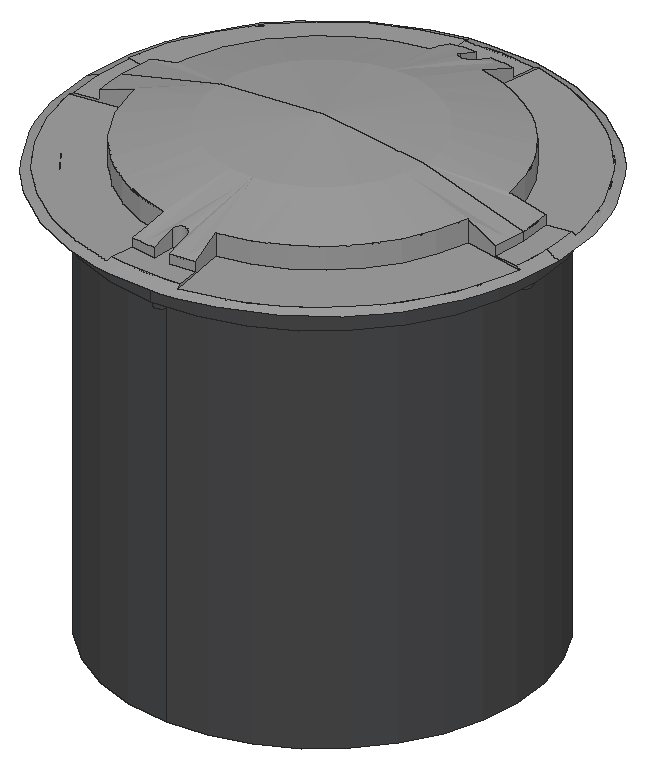
Revit family "ROLL OVER LIGHT 03_CM1W.3", category Luminarias, Revit 2019
Family settings
  Cota de conector redondo = Diámetro de uso
  Tipo de pieza = Normal
  Se basa en plano de trabajo = Sí
  Siempre vertical = No
  Corte con vacíos al cargar = No
  Origen de luz = Sí
  Compartido = No
  Punto de cálculo de habitación = No
Parameters (values of type "ROLL OVER LIGHT 02_CM2W.2")
  Zone [instance] = ""
  Watt per fixture = 3.9
  Wattage = 3.9 W
  built-in parameter 1150107 = 3000 (stored number, unit not read)
  Light Source Symbol Size = 609.6 mm
  built-in parameter 1150110 = 1 (stored number, unit not read)
  built-in parameter 1150109 = 1 (stored number, unit not read)
  built-in parameter 1150112 = 1 (stored number, unit not read)
  built-in parameter 1150113 = 1 (stored number, unit not read)
  built-in parameter 1114218 = 1 (stored number, unit not read)
  Keynote = ""
  built-in parameter 1150137 = (empty or 0)
  built-in parameter 1150132 = (empty or 0)
  Modelo = "CM2W.2"
  Lámpara = "SMD 3030"
  Longitud [instance] = 1000 mm
  built-in parameter 1150105 = 47.745 (stored number, unit not read)
  built-in parameter 1150102 = (empty or 0)
  built-in parameter 1150106 = 0.47745 (stored number, unit not read)
  Lumens = 149.994 lm
  Color Filter = 16777215
  built-in parameter 1114217 = 1 (stored number, unit not read)
  built-in parameter 1150139 = (empty or 0)
  Fabricante = "BRILLANT"
  Default Elevation = 0 mm
  built-in parameter 1150104 = 3.5731 (stored number, unit not read)
  Descripción = "LUMINARIA DE CORTESIA CIRCULAR EMPOTRABLE EN PISO, PRINCIPALMENTE EN ESTACIONAMIENTOS, CON UN PESO DE 2.3KG, CUERPO DE ALUMINIO FUNDIDO A PRESION CUBIERTO CON POLVO GRIS, USO PARA INTERIORES O EXTERIORES IP67, ALTA RESISTENCIA AL IMPACTO IK10, 6 LEDS DE 0.5W TIPO SMD3030 CON UNA POTENCIA TOTAL DE 3.9W, 150 LUMENES, EFICIENCIA DE 38.46LM/W, TEMPERATURA DE BLANCO CALIDO 3000K, CORRIENTE DE OPERACIÓN EN 57mA, DIMMEABLE OPCIONAL POR TRIAC, HOUSING DE PVC 157mm EN DIAMENTRO y 150mm DE PROFUNDIDAD, CABLE DE 0.5M H05RN-F, ALIMENTADA A 100-240V."
  built-in parameter 1150115 = 1 (stored number, unit not read)
  built-in parameter 1150114 = 1 (stored number, unit not read)
  Comentarios de vataje = "100-240V"
  built-in parameter 1150138 = (empty or 0)
  built-in parameter 1150134 = (empty or 0)
  Circuit [instance] = ""
  Dimming Lamp Color Temperature Shift = (empty or 0)
  built-in parameter 1150133 = 10 (stored number, unit not read)
Reference planes
  plane 1 "Centro (Frontal/Posterior)": y = 0
  plane 2: z = 0
  plane 3 "Centro (Izquierda/Derecha)": x = 0
  plane 4: z = -102.5
  plane 5: z = -102.5
Forms (mm)
  Revolve 1, solid, material "Aluminio"
    sketch origin (0, 0, 0) x (1, 0, 0) y (0, 0, 1)
      loop
        arc (0, 17.873) -> (-37.244, 14.672) -> (-73.396, 5.162) r 218.255
        line (-73.396, 5.162) -> (-73.396, 1.97) -> (-81.784, 1.97)
        arc (-81.784, 1.97) -> (-84.148, 0.999) -> (-86.5, 0) r 218.255
        line (-86.5, 0) -> (-58.75, 0) -> (-58.75, -87.69)
        arc (-58.75, -87.69) -> (-56.806, -89.634) -> (-58.75, -91.578) r 1.944
        line (-58.75, -91.578) -> (-58.75, -102.5) -> (0, -102.5) -> (0, 17.873)
      axis (0, 17.873) -> (0, -102.5)
    angle from 0 to 360
  Extrusion 2, solid, material "Aluminio"
    sketch origin (0, 0, 0) x (-1, 0, 0) y (0, 0, -1)
      loop
        line (62.318, 0) -> (58.75, 87.69) -> (58.75, 0) -> (62.318, 0)
      loop
        line (-62.318, 0) -> (-58.75, 0) -> (-58.75, 87.69) -> (-62.318, 0)
    from -1.968 to 1.93
  Extrusion 3, void
    sketch origin (0, 0, 0) x (1, 0, 0) y (0, 1, 0)
      loop
        arc (13.449, -85.448) -> (61.165, -61.165) -> (85.448, -13.449) r 86.5
        line (85.448, -13.449) -> (60.747, -9.562)
        arc (60.747, -9.562) -> (43.483, -43.483) -> (9.562, -60.747) r 61.495
        line (9.562, -60.747) -> (13.449, -85.448)
      loop
        line (-13.449, -85.448) -> (-9.562, -60.747)
        arc (-9.562, -60.747) -> (-43.483, -43.483) -> (-60.747, -9.562) r 61.495
        line (-60.747, -9.562) -> (-85.448, -13.449)
        arc (-85.448, -13.449) -> (-61.165, -61.165) -> (-13.449, -85.448) r 86.5
      loop
        line (-85.448, 13.449) -> (-60.747, 9.562)
        arc (-60.747, 9.562) -> (-43.483, 43.483) -> (-9.562, 60.747) r 61.495
        line (-9.562, 60.747) -> (-13.449, 85.448)
        arc (-13.449, 85.448) -> (-61.165, 61.165) -> (-85.448, 13.449) r 86.5
      loop
        line (60.747, 9.562) -> (85.448, 13.449)
        arc (85.448, 13.449) -> (61.165, 61.165) -> (13.449, 85.448) r 86.5
        line (13.449, 85.448) -> (9.562, 60.747)
        arc (9.562, 60.747) -> (43.483, 43.483) -> (60.747, 9.562) r 61.495
    from 1.314 to 15
  Extrusion 4, void
    sketch origin (0, 0, 0) x (1, 0, 0) y (0, 1, 0)
      loop
        arc (-2.757, 65.877) -> (0, 63.12) -> (2.757, 65.877) r 2.757
        line (2.757, 65.877) -> (2.757, 73.647) -> (-2.757, 73.647) -> (-2.757, 65.877)
      loop
        line (-2.757, -65.839) -> (-2.757, -73.609) -> (2.757, -73.609) -> (2.757, -65.839)
        arc (2.757, -65.839) -> (0, -63.082) -> (-2.757, -65.839) r 2.757
    from 1.97 to 15
  Extrusion 5, solid
    sketch origin (0, 0, 0) x (1, 0, 0) y (0, 1, 0)
      loop
        circle (0, -49.028) r 8
    from -106.407 to -102.5
  Extrusion 6, solid
    sketch origin (0, 0, 0) x (1, 0, 0) y (0, 1, 0)
      loop
        line (0, -42.286) -> (-5.838, -45.657) -> (-5.838, -52.399) -> (0, -55.769) -> (5.838, -52.399) -> (5.838, -45.657) -> (0, -42.286)
    from -110.637 to -106.407
  Extrusion 7, solid
    sketch origin (0, 0, 0) x (1, 0, 0) y (0, 1, 0)
      loop
        circle (0, -49.028) r 4.039
    from -123.239 to -110.637
  Revolve 8, solid, material "Plastico"
    sketch origin (0, 0, 32.574) x (0, 0, 1) y (0, -1, 0)
      loop
        line (-32.574, 75.5) -> (-32.574, 78.5) -> (-41.733, 78.5) -> (-41.733, 71.518) -> (-182.574, 71.518) -> (-182.574, 0) -> (-179.574, 0) -> (-179.574, 68.518) -> (-38.733, 68.518) -> (-38.733, 75.5) -> (-32.574, 75.5)
      axis (-182.574, 0) -> (-32.574, 0)
    angle from 0 to 360
  Extrusion 9, solid, material "Aluminio"
    sketch origin (-0.011, 0, 0) x (-0.866025, 0.5, 0) y (0, 0, -1)
      loop
        line (62.318, 0) -> (58.75, 87.69) -> (58.75, 0) -> (62.318, 0)
      loop
        line (-62.318, 0) -> (-58.75, 0) -> (-58.75, 87.69) -> (-62.318, 0)
    from -1.968 to 1.93
  Extrusion 10, solid, material "Aluminio"
    sketch origin (-0.025, 0.005, 0) x (-0.5, 0.866025, 0) y (0, 0, -1)
      loop
        line (62.318, 0) -> (58.75, 87.69) -> (58.75, 0) -> (62.318, 0)
      loop
        line (-62.318, 0) -> (-58.75, 0) -> (-58.75, 87.69) -> (-62.318, 0)
    from -1.968 to 1.93
  Extrusion 11, solid, material "Aluminio"
    sketch origin (-0.038, 0.019, 0) x (0, 1, 0) y (0, 0, -1)
      loop
        line (62.318, 0) -> (58.75, 87.69) -> (58.75, 0) -> (62.318, 0)
      loop
        line (-62.318, 0) -> (-58.75, 0) -> (-58.75, 87.69) -> (-62.318, 0)
    from -1.968 to 1.93
  Extrusion 12, solid, material "Aluminio"
    sketch origin (-0.041, 0.043, 0) x (0.5, 0.866025, 0) y (0, 0, -1)
      loop
        line (62.318, 0) -> (58.75, 87.69) -> (58.75, 0) -> (62.318, 0)
      loop
        line (-62.318, 0) -> (-58.75, 0) -> (-58.75, 87.69) -> (-62.318, 0)
    from -1.968 to 1.93
  Extrusion 13, solid, material "Aluminio"
    sketch origin (-0.027, 0.066, 0) x (0.866025, 0.5, 0) y (0, 0, -1)
      loop
        line (62.318, 0) -> (58.75, 87.69) -> (58.75, 0) -> (62.318, 0)
      loop
        line (-62.318, 0) -> (-58.75, 0) -> (-58.75, 87.69) -> (-62.318, 0)
    from -1.968 to 1.93
  Extrusion 14, solid, material "Plastico"
    sketch origin (0, 0, 0) x (1, 0, 0) y (0, 1, 0)
      loop
        circle (0, -73.965) r 2.479
      loop
        circle (0, 73.965) r 2.479
      loop
        circle (-73.965, 0) r 2.479
      loop
        circle (73.965, 0) r 2.479
    from -12.065 to -9.16
Cuts and joins
  Extrusion 3, Extrusion 4 cuts Revolve 1
  Extrusion 3 cuts Extrusion 2
Dimensions and locks
  plane 2 to plane 5 = 102.5 mm
  level to Revolve 8 = 150 mm
  aligned and locked: level to plane 2
  aligned and locked: plane 4 to Revolve 1 sketch curve
  aligned and locked: plane 5 to Extrusion 5
  aligned and locked: Extrusion 14 to Revolve 8
Connectors
  electrical at (0, 0, -150)
    settings: on Revolve 8, index 1, voltage 240 V, apparent load 0 VA, apparent load phase1 0 VA, apparent load phase2 0 VA, apparent load phase3 0 VA, power factor 1, load classification "Otro", number of poles 1, system type 31, power factor state 1, is connector primary yes, connector utility no, sub classification motor no, connector description ""
